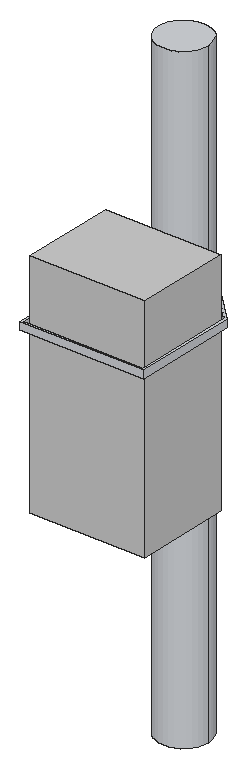
Revit family "HUNTER_ICD-600-Decoder", category Electrical Fixtures, Revit 2017
Family settings
  Maintain Annotation Orientation = No
  Round Connector Dimension = Use Diameter
  Part Type = Normal
  OmniClass Number = 23.35.41.13
  Work Plane-Based = Yes
  Always vertical = Yes
  Cut with Voids When Loaded = No
  Shared = Yes
  Room Calculation Point = No
Parameters (values of type "ICD-600")
  URL = "https://www.hunterindustries.com/en-metric/irrigation-product/controllers/acc-99d-decoder#node_product_full_group_models_tab_item"
  Type Comments = "ICD-600"
  Model = "6-station decoder with surge suppression and ground wire"
  Manufacturer = "Hunter® Industries"
  Keynote = "26 09 00"
  Input Voltage = 24 V  # constant formula
  ICD Width = 46 mm
  ICD Height = 92 mm
  ICD Depth = 38 mm
  Height = 250 mm
  Description = "6-station decoder with surge suppression"
  Default Elevation = 1219.2 mm
  Assembly Code = "D5030.50"
Reference planes
  plane 1 "Center (Front/Back)": y = 0
  plane 2: z = 0
  plane 3 "Center (Left/Right)": x = 0
  plane 4 "Tie": z = 159.5
Forms (mm)
  Extrusion 1, solid
    sketch origin (0, 0, 0) x (1, 0, 0) y (0, 1, 0)
      loop
        circle (0, 0) r 10
    from 0 to 250
  Sweep 2, solid
    path origin (0, 0, 159.5) x (0, -1, 0) y (1, 0, 0)
      loop
        line (50, -23.923) -> (50, 23.767) -> (9.672, 23.767) -> (-7.626, 6.469)
        arc (-7.626, 6.469) -> (-10, 0) -> (-7.626, -6.469) r 10
        line (-7.626, -6.469) -> (9.828, -23.923) -> (50, -23.923)
    profile origin (-0.078, -50, 159.5) x (0, 1, 0) y (0, 0, 1)
      loop
        line (-0.03, 1.486) -> (-0.838, 1.486) -> (-0.838, -1.486) -> (-0.03, -1.486) -> (-0.03, 1.486)
Lines and regions (mm)
  symbolic lines
    curve 1: circle (0, 0, 0) r 30 normal (0, 0, 1)
    curve 2: circle (0, 0, 0) r 28 normal (0, 0, 1)
    curve 3: circle (0, 0, 0) r 26 normal (0, 0, 1)
    curve 4: circle (0, 0, 0) r 24 normal (0, 0, 1)
    curve 5: circle (0, 0, 0) r 22 normal (0, 0, 1)
    curve 6: circle (0, 0, 0) r 20 normal (0, 0, 1)
    curve 7: circle (0, 0, 0) r 18 normal (0, 0, 1)
    curve 8: circle (0, 0, 0) r 16 normal (0, 0, 1)
    curve 9: circle (0, 0, 0) r 14 normal (0, 0, 1)
    curve 10: circle (0, 0, 0) r 12 normal (0, 0, 1)
    curve 11: circle (0, 0, 0) r 10 normal (0, 0, 1)
    curve 12: circle (0, 0, 0) r 32 normal (0, 0, -1)
    curve 13: circle (0, 0, 0) r 34 normal (0, 0, -1)
    curve 14: circle (0, 0, 0) r 36 normal (0, 0, -1)
    curve 15: circle (0, 0, 0) r 38 normal (0, 0, -1)
    curve 16: circle (0, 0, 0) r 40 normal (0, 0, -1)
    curve 17: circle (0, 0, 0) r 42 normal (0, 0, -1)
    curve 18: circle (0, 0, 0) r 44 normal (0, 0, -1)
    curve 19: circle (0, 0, 0) r 46 normal (0, 0, -1)
    curve 20: circle (0, 0, 0) r 48 normal (0, 0, -1)
    curve 21: circle (0, 0, 0) r 50 normal (0, 0, -1)
    curve 22: circle (0, 0, 0) r 52 normal (0, 0, -1)
    curve 23: circle (0, 0, 0) r 54 normal (0, 0, -1)
    curve 24: circle (0, 0, 0) r 56 normal (0, 0, -1)
Dimensions and locks
  "Height": Extrusion 1 to level
  "ICD Height": nested 1 to level
  aligned and locked: level to plane 2
Automatic sketch dimensions
  plane 1 "Center (Front/Back)" to Extrusion 1 sketch curve = 0 mm
  Extrusion 1 sketch curve to plane 3 "Center (Left/Right)" = 0 mm
  level to Sweep 2 sketch curve = 160.986 mm
  profile plane to Sweep 2 sketch curve = 0.838 mm
  profile plane to Sweep 2 sketch curve = 0.03 mm
  level to Sweep 2 sketch curve = 158.014 mm
  plane 1 "Center (Front/Back)" to curve 1 = 0 mm
  curve 1 to plane 3 "Center (Left/Right)" = 0 mm
  curve 1 to curve 2 = 0 mm  (x2)
  curve 1 to curve 3 = 0 mm  (x2)
  curve 1 to curve 4 = 0 mm  (x2)
  curve 1 to curve 5 = 0 mm  (x2)
  curve 1 to curve 6 = 0 mm  (x2)
  curve 1 to curve 7 = 0 mm  (x2)
  curve 1 to curve 8 = 0 mm  (x2)
  curve 1 to curve 9 = 0 mm  (x2)
  curve 1 to curve 10 = 0 mm  (x2)
  curve 1 to curve 11 = 0 mm  (x2)
  plane 1 "Center (Front/Back)" to Sweep 2 sketch curve = 0 mm
  Sweep 2 sketch curve to plane 3 "Center (Left/Right)" = 0 mm
  Sweep 2 sketch curve to plane 1 "Center (Front/Back)" = 7.626 mm  (x2)
  plane 1 "Center (Front/Back)" to Sweep 2 sketch curve = 9.828 mm
  Sweep 2 sketch curve to Sweep 2 sketch curve = 40.172 mm
  Sweep 2 sketch curve to plane 3 "Center (Left/Right)" = 6.469 mm
  Sweep 2 sketch curve to plane 3 "Center (Left/Right)" = 23.923 mm
  plane 3 "Center (Left/Right)" to Sweep 2 sketch curve = 23.767 mm
  plane 1 "Center (Front/Back)" to Sweep 2 sketch curve = 9.672 mm
  radius of Extrusion 1 sketch curve = 10 mm
  radius of curve 1 = 30 mm
  radius of curve 2 = 28 mm
  radius of curve 3 = 26 mm
  radius of curve 4 = 24 mm
  radius of curve 5 = 22 mm
  radius of curve 6 = 20 mm
  radius of curve 7 = 18 mm
  radius of curve 8 = 16 mm
  radius of curve 9 = 14 mm
  radius of curve 10 = 12 mm
  radius of curve 11 = 10 mm
Nested families
  nested 1: "ICD" at (0, -29, 92), type "ICD"
  nested 2: "M_Label Annotation" at (-9.652, 146.473, 0), type "M_Label Annotation 2"
Connectors
  electrical at (0, -29, 92), driven by "Input Voltage"
    settings: on nested 1, index 1, voltage 24 V, apparent load 0 VA, apparent load phase1 0 VA, apparent load phase2 0 VA, apparent load phase3 0 VA, power factor 1, load classification "Other", number of poles 1, system type 30, power factor state 1, is connector primary yes, connector utility no, sub classification motor no, connector description "Main Cable"
  electrical at (0, -29, 92), driven by "Input Voltage"
    settings: on nested 1, index 2, voltage 24 V, apparent load 0 VA, apparent load phase1 0 VA, apparent load phase2 0 VA, apparent load phase3 0 VA, power factor 1, load classification "Other", number of poles 1, system type 30, power factor state 1, is connector primary no, connector utility no, sub classification motor no, connector description "Station-1"
  electrical at (0, -29, 92), driven by "Input Voltage"
    settings: on nested 1, index 3, voltage 24 V, apparent load 0 VA, apparent load phase1 0 VA, apparent load phase2 0 VA, apparent load phase3 0 VA, power factor 1, load classification "Other", number of poles 1, system type 30, power factor state 1, is connector primary no, connector utility no, sub classification motor no, connector description "Station-2"
  electrical at (0, -29, 92), driven by "Input Voltage"
    settings: on nested 1, index 4, voltage 24 V, apparent load 0 VA, apparent load phase1 0 VA, apparent load phase2 0 VA, apparent load phase3 0 VA, power factor 1, load classification "Other", number of poles 1, system type 30, power factor state 1, is connector primary no, connector utility no, sub classification motor no, connector description "Station-3"
  electrical at (0, -29, 92), driven by "Input Voltage"
    settings: on nested 1, index 5, voltage 24 V, apparent load 0 VA, apparent load phase1 0 VA, apparent load phase2 0 VA, apparent load phase3 0 VA, power factor 1, load classification "Other", number of poles 1, system type 30, power factor state 1, is connector primary no, connector utility no, sub classification motor no, connector description "Station-4"
  electrical at (0, -29, 92), driven by "Input Voltage"
    settings: on nested 1, index 6, voltage 24 V, apparent load 0 VA, apparent load phase1 0 VA, apparent load phase2 0 VA, apparent load phase3 0 VA, power factor 1, load classification "Other", number of poles 1, system type 30, power factor state 1, is connector primary no, connector utility no, sub classification motor no, connector description "Station-5"
  electrical at (0, -29, 92), driven by "Input Voltage"
    settings: on nested 1, index 7, voltage 24 V, apparent load 0 VA, apparent load phase1 0 VA, apparent load phase2 0 VA, apparent load phase3 0 VA, power factor 1, load classification "Other", number of poles 1, system type 30, power factor state 1, is connector primary no, connector utility no, sub classification motor no, connector description "Station-6"
Definition of nested family "ICD"
  Parameters (values of type "ICD")
    Width = 46 mm
    Material = none
    Height = 92 mm
    Depth = 38 mm
  Reference planes
    plane 1 "Center (Front/Back)": y = 0
    plane 2: z = 0
    plane 3 "Center (Left/Right)": x = 0
  Forms (mm)
    Extrusion 1, solid, material <- "Material"
      sketch origin (0, 0, 0) x (1, 0, 0) y (0, 1, 0)
        loop
          line (-23, 19) -> (-23, -19) -> (23, -19) -> (23, 19) -> (-23, 19)
      from 0 to 92 <- "Height"
  Dimensions and locks
    equal spacing: Extrusion 1 sketch curve, plane 3 "Center (Left/Right)", Extrusion 1 sketch curve
    equal spacing: Extrusion 1 sketch curve, plane 1 "Center (Front/Back)", Extrusion 1 sketch curve
    "Depth": Extrusion 1 sketch curve to Extrusion 1 sketch curve
    "Width": Extrusion 1 sketch curve to Extrusion 1 sketch curve
    aligned and locked: level to plane 2
Definition of nested family "M_Label Annotation"
  Parameters (values of type "M_Label Annotation")
    Label = ""
  Reference planes
    plane 1: y = 0
    plane 2: x = 0
  Text (mm)
    label "Label" at (0.007, 0.129, 0), shows "Label"
